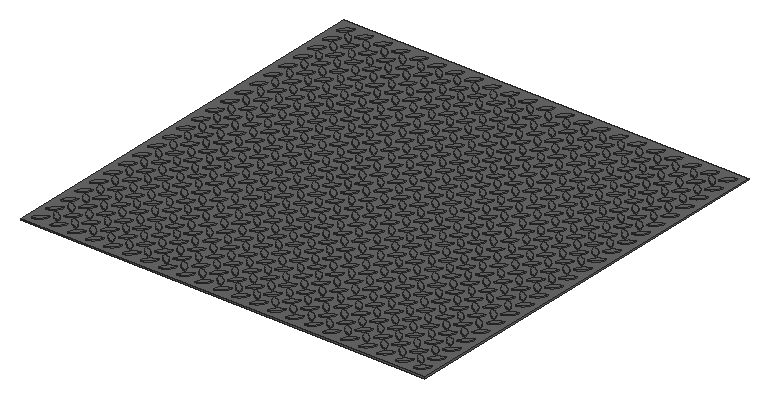
Revit family "141012021113804", category Modelos genéricos, Revit 2018 (continued)
Forms (mm)
  Blend 305, solid, material "Goma negro" <- "Material", detail levels fine
    top sketch origin (1728.494, 208.945, 0) x (-0.707107, -0.707107, 0) y (0.707107, -0.707107, 0)
      loop
        arc (792.83, -324.327) -> (793.684, -324.773) -> (794.539, -324.327) r 1.041
        arc (794.539, -324.327) -> (799.889, -307.273) -> (794.539, -290.22) r 29.852
        arc (794.539, -290.22) -> (793.684, -289.773) -> (792.83, -290.22) r 1.041
    from 0 to 1
  Blend 306, solid, material "Goma negro" <- "Material", detail levels fine
    base sketch origin (538.555, 620.994, 0) x (0.707107, -0.707107, 0) y (0.707107, 0.707107, 0)
      loop
        arc (792.83, -290.22) -> (787.479, -307.273) -> (792.83, -324.327) r 29.852
        arc (792.83, -324.327) -> (793.684, -324.773) -> (794.539, -324.327) r 1.041
        arc (794.539, -324.327) -> (799.889, -307.273) -> (794.539, -290.22) r 29.852
        arc (794.539, -290.22) -> (793.684, -289.773) -> (792.83, -290.22) r 1.041
    top sketch origin (538.555, 620.994, 0) x (0.707107, -0.707107, 0) y (0.707107, 0.707107, 0)
      loop
        arc (792.83, -290.22) -> (787.479, -307.273) -> (792.83, -324.327) r 29.852
        arc (792.83, -324.327) -> (793.684, -324.773) -> (794.539, -324.327) r 1.041
        arc (794.539, -324.327) -> (799.889, -307.273) -> (794.539, -290.22) r 29.852
        arc (794.539, -290.22) -> (793.684, -289.773) -> (792.83, -290.22) r 1.041
    from 0 to 1
  Blend 307, solid, material "Goma negro" <- "Material", detail levels fine
    base sketch origin (1683.494, 208.945, 0) x (-0.707107, -0.707107, 0) y (0.707107, -0.707107, 0)
      loop
        arc (792.83, -290.22) -> (787.479, -307.273) -> (792.83, -324.327) r 29.852
        arc (792.83, -324.327) -> (793.684, -324.773) -> (794.539, -324.327) r 1.041
        arc (794.539, -324.327) -> (799.889, -307.273) -> (794.539, -290.22) r 29.852
        arc (794.539, -290.22) -> (793.684, -289.773) -> (792.83, -290.22) r 1.041
    top sketch origin (1683.494, 208.945, 0) x (-0.707107, -0.707107, 0) y (0.707107, -0.707107, 0)
      loop
        arc (792.83, -290.22) -> (787.479, -307.273) -> (792.83, -324.327) r 29.852
        arc (792.83, -324.327) -> (793.684, -324.773) -> (794.539, -324.327) r 1.041
        arc (794.539, -324.327) -> (799.889, -307.273) -> (794.539, -290.22) r 29.852
        arc (794.539, -290.22) -> (793.684, -289.773) -> (792.83, -290.22) r 1.041
    from 0 to 1
  Blend 308, solid, material "Goma negro" <- "Material", detail levels fine
    base sketch origin (493.555, 620.994, 0) x (0.707107, -0.707107, 0) y (0.707107, 0.707107, 0)
      loop
        arc (792.83, -290.22) -> (787.479, -307.273) -> (792.83, -324.327) r 29.852
        arc (792.83, -324.327) -> (793.684, -324.773) -> (794.539, -324.327) r 1.041
        arc (794.539, -324.327) -> (799.889, -307.273) -> (794.539, -290.22) r 29.852
        arc (794.539, -290.22) -> (793.684, -289.773) -> (792.83, -290.22) r 1.041
    top sketch origin (493.555, 620.994, 0) x (0.707107, -0.707107, 0) y (0.707107, 0.707107, 0)
      loop
        arc (792.83, -290.22) -> (787.479, -307.273) -> (792.83, -324.327) r 29.852
        arc (792.83, -324.327) -> (793.684, -324.773) -> (794.539, -324.327) r 1.041
        arc (794.539, -324.327) -> (799.889, -307.273) -> (794.539, -290.22) r 29.852
        arc (794.539, -290.22) -> (793.684, -289.773) -> (792.83, -290.22) r 1.041
    from 0 to 1
  Blend 309, solid, material "Goma negro" <- "Material", detail levels fine
    base sketch origin (1638.494, 208.945, 0) x (-0.707107, -0.707107, 0) y (0.707107, -0.707107, 0)
      loop
        arc (792.83, -290.22) -> (787.479, -307.273) -> (792.83, -324.327) r 29.852
        arc (792.83, -324.327) -> (793.684, -324.773) -> (794.539, -324.327) r 1.041
        arc (794.539, -324.327) -> (799.889, -307.273) -> (794.539, -290.22) r 29.852
        arc (794.539, -290.22) -> (793.684, -289.773) -> (792.83, -290.22) r 1.041
    top sketch origin (1638.494, 208.945, 0) x (-0.707107, -0.707107, 0) y (0.707107, -0.707107, 0)
      loop
        arc (792.83, -290.22) -> (787.479, -307.273) -> (792.83, -324.327) r 29.852
        arc (792.83, -324.327) -> (793.684, -324.773) -> (794.539, -324.327) r 1.041
        arc (794.539, -324.327) -> (799.889, -307.273) -> (794.539, -290.22) r 29.852
        arc (794.539, -290.22) -> (793.684, -289.773) -> (792.83, -290.22) r 1.041
    from 0 to 1
  Blend 310, solid, material "Goma negro" <- "Material", detail levels fine
    base sketch origin (448.555, 620.994, 0) x (0.707107, -0.707107, 0) y (0.707107, 0.707107, 0)
      loop
        arc (792.83, -290.22) -> (787.479, -307.273) -> (792.83, -324.327) r 29.852
        arc (792.83, -324.327) -> (793.684, -324.773) -> (794.539, -324.327) r 1.041
        arc (794.539, -324.327) -> (799.889, -307.273) -> (794.539, -290.22) r 29.852
        arc (794.539, -290.22) -> (793.684, -289.773) -> (792.83, -290.22) r 1.041
    top sketch origin (448.555, 620.994, 0) x (0.707107, -0.707107, 0) y (0.707107, 0.707107, 0)
      loop
        arc (792.83, -290.22) -> (787.479, -307.273) -> (792.83, -324.327) r 29.852
        arc (792.83, -324.327) -> (793.684, -324.773) -> (794.539, -324.327) r 1.041
        arc (794.539, -324.327) -> (799.889, -307.273) -> (794.539, -290.22) r 29.852
        arc (794.539, -290.22) -> (793.684, -289.773) -> (792.83, -290.22) r 1.041
    from 0 to 1
  Blend 311, solid, material "Goma negro" <- "Material", detail levels fine
    base sketch origin (1593.494, 208.945, 0) x (-0.707107, -0.707107, 0) y (0.707107, -0.707107, 0)
      loop
        arc (792.83, -290.22) -> (787.479, -307.273) -> (792.83, -324.327) r 29.852
        arc (792.83, -324.327) -> (793.684, -324.773) -> (794.539, -324.327) r 1.041
        arc (794.539, -324.327) -> (799.889, -307.273) -> (794.539, -290.22) r 29.852
        arc (794.539, -290.22) -> (793.684, -289.773) -> (792.83, -290.22) r 1.041
    top sketch origin (1593.494, 208.945, 0) x (-0.707107, -0.707107, 0) y (0.707107, -0.707107, 0)
      loop
        arc (792.83, -290.22) -> (787.479, -307.273) -> (792.83, -324.327) r 29.852
        arc (792.83, -324.327) -> (793.684, -324.773) -> (794.539, -324.327) r 1.041
        arc (794.539, -324.327) -> (799.889, -307.273) -> (794.539, -290.22) r 29.852
        arc (794.539, -290.22) -> (793.684, -289.773) -> (792.83, -290.22) r 1.041
    from 0 to 1
  Blend 312, solid, material "Goma negro" <- "Material", detail levels fine
    base sketch origin (403.555, 620.994, 0) x (0.707107, -0.707107, 0) y (0.707107, 0.707107, 0)
      loop
        arc (792.83, -290.22) -> (787.479, -307.273) -> (792.83, -324.327) r 29.852
        arc (792.83, -324.327) -> (793.684, -324.773) -> (794.539, -324.327) r 1.041
        arc (794.539, -324.327) -> (799.889, -307.273) -> (794.539, -290.22) r 29.852
        arc (794.539, -290.22) -> (793.684, -289.773) -> (792.83, -290.22) r 1.041
    top sketch origin (403.555, 620.994, 0) x (0.707107, -0.707107, 0) y (0.707107, 0.707107, 0)
      loop
        arc (792.83, -290.22) -> (787.479, -307.273) -> (792.83, -324.327) r 29.852
        arc (792.83, -324.327) -> (793.684, -324.773) -> (794.539, -324.327) r 1.041
        arc (794.539, -324.327) -> (799.889, -307.273) -> (794.539, -290.22) r 29.852
        arc (794.539, -290.22) -> (793.684, -289.773) -> (792.83, -290.22) r 1.041
    from 0 to 1
  Blend 313, solid, material "Goma negro" <- "Material", detail levels fine
    base sketch origin (1548.494, 208.945, 0) x (-0.707107, -0.707107, 0) y (0.707107, -0.707107, 0)
      loop
        arc (792.83, -290.22) -> (787.479, -307.273) -> (792.83, -324.327) r 29.852
        arc (792.83, -324.327) -> (793.684, -324.773) -> (794.539, -324.327) r 1.041
        arc (794.539, -324.327) -> (799.889, -307.273) -> (794.539, -290.22) r 29.852
        arc (794.539, -290.22) -> (793.684, -289.773) -> (792.83, -290.22) r 1.041
    top sketch origin (1548.494, 208.945, 0) x (-0.707107, -0.707107, 0) y (0.707107, -0.707107, 0)
      loop
        arc (792.83, -290.22) -> (787.479, -307.273) -> (792.83, -324.327) r 29.852
        arc (792.83, -324.327) -> (793.684, -324.773) -> (794.539, -324.327) r 1.041
        arc (794.539, -324.327) -> (799.889, -307.273) -> (794.539, -290.22) r 29.852
        arc (794.539, -290.22) -> (793.684, -289.773) -> (792.83, -290.22) r 1.041
    from 0 to 1
  Blend 314, solid, material "Goma negro" <- "Material", detail levels fine
    base sketch origin (358.555, 620.994, 0) x (0.707107, -0.707107, 0) y (0.707107, 0.707107, 0)
      loop
        arc (792.83, -290.22) -> (787.479, -307.273) -> (792.83, -324.327) r 29.852
        arc (792.83, -324.327) -> (793.684, -324.773) -> (794.539, -324.327) r 1.041
        arc (794.539, -324.327) -> (799.889, -307.273) -> (794.539, -290.22) r 29.852
        arc (794.539, -290.22) -> (793.684, -289.773) -> (792.83, -290.22) r 1.041
    top sketch origin (358.555, 620.994, 0) x (0.707107, -0.707107, 0) y (0.707107, 0.707107, 0)
      loop
        arc (792.83, -290.22) -> (787.479, -307.273) -> (792.83, -324.327) r 29.852
        arc (792.83, -324.327) -> (793.684, -324.773) -> (794.539, -324.327) r 1.041
        arc (794.539, -324.327) -> (799.889, -307.273) -> (794.539, -290.22) r 29.852
        arc (794.539, -290.22) -> (793.684, -289.773) -> (792.83, -290.22) r 1.041
    from 0 to 1
  Blend 315, solid, material "Goma negro" <- "Material", detail levels fine
    base sketch origin (1503.494, 208.945, 0) x (-0.707107, -0.707107, 0) y (0.707107, -0.707107, 0)
      loop
        arc (792.83, -290.22) -> (787.479, -307.273) -> (792.83, -324.327) r 29.852
        arc (792.83, -324.327) -> (793.684, -324.773) -> (794.539, -324.327) r 1.041
        arc (794.539, -324.327) -> (799.889, -307.273) -> (794.539, -290.22) r 29.852
        arc (794.539, -290.22) -> (793.684, -289.773) -> (792.83, -290.22) r 1.041
    top sketch origin (1503.494, 208.945, 0) x (-0.707107, -0.707107, 0) y (0.707107, -0.707107, 0)
      loop
        arc (792.83, -290.22) -> (787.479, -307.273) -> (792.83, -324.327) r 29.852
        arc (792.83, -324.327) -> (793.684, -324.773) -> (794.539, -324.327) r 1.041
        arc (794.539, -324.327) -> (799.889, -307.273) -> (794.539, -290.22) r 29.852
        arc (794.539, -290.22) -> (793.684, -289.773) -> (792.83, -290.22) r 1.041
    from 0 to 1
  Blend 316, solid, material "Goma negro" <- "Material", detail levels fine
    base sketch origin (313.555, 620.994, 0) x (0.707107, -0.707107, 0) y (0.707107, 0.707107, 0)
      loop
        arc (792.83, -290.22) -> (787.479, -307.273) -> (792.83, -324.327) r 29.852
        arc (792.83, -324.327) -> (793.684, -324.773) -> (794.539, -324.327) r 1.041
        arc (794.539, -324.327) -> (799.889, -307.273) -> (794.539, -290.22) r 29.852
        arc (794.539, -290.22) -> (793.684, -289.773) -> (792.83, -290.22) r 1.041
    top sketch origin (313.555, 620.994, 0) x (0.707107, -0.707107, 0) y (0.707107, 0.707107, 0)
      loop
        arc (792.83, -290.22) -> (787.479, -307.273) -> (792.83, -324.327) r 29.852
        arc (792.83, -324.327) -> (793.684, -324.773) -> (794.539, -324.327) r 1.041
        arc (794.539, -324.327) -> (799.889, -307.273) -> (794.539, -290.22) r 29.852
        arc (794.539, -290.22) -> (793.684, -289.773) -> (792.83, -290.22) r 1.041
    from 0 to 1
  Blend 317, solid, material "Goma negro" <- "Material", detail levels fine
    base sketch origin (1458.494, 208.945, 0) x (-0.707107, -0.707107, 0) y (0.707107, -0.707107, 0)
      loop
        arc (792.83, -290.22) -> (787.479, -307.273) -> (792.83, -324.327) r 29.852
        arc (792.83, -324.327) -> (793.684, -324.773) -> (794.539, -324.327) r 1.041
        arc (794.539, -324.327) -> (799.889, -307.273) -> (794.539, -290.22) r 29.852
        arc (794.539, -290.22) -> (793.684, -289.773) -> (792.83, -290.22) r 1.041
    top sketch origin (1458.494, 208.945, 0) x (-0.707107, -0.707107, 0) y (0.707107, -0.707107, 0)
      loop
        arc (792.83, -290.22) -> (787.479, -307.273) -> (792.83, -324.327) r 29.852
        arc (792.83, -324.327) -> (793.684, -324.773) -> (794.539, -324.327) r 1.041
        arc (794.539, -324.327) -> (799.889, -307.273) -> (794.539, -290.22) r 29.852
        arc (794.539, -290.22) -> (793.684, -289.773) -> (792.83, -290.22) r 1.041
    from 0 to 1
  Blend 318, solid, material "Goma negro" <- "Material", detail levels fine
    base sketch origin (268.555, 620.994, 0) x (0.707107, -0.707107, 0) y (0.707107, 0.707107, 0)
      loop
        arc (792.83, -290.22) -> (787.479, -307.273) -> (792.83, -324.327) r 29.852
        arc (792.83, -324.327) -> (793.684, -324.773) -> (794.539, -324.327) r 1.041
        arc (794.539, -324.327) -> (799.889, -307.273) -> (794.539, -290.22) r 29.852
        arc (794.539, -290.22) -> (793.684, -289.773) -> (792.83, -290.22) r 1.041
    top sketch origin (268.555, 620.994, 0) x (0.707107, -0.707107, 0) y (0.707107, 0.707107, 0)
      loop
        arc (792.83, -290.22) -> (787.479, -307.273) -> (792.83, -324.327) r 29.852
        arc (792.83, -324.327) -> (793.684, -324.773) -> (794.539, -324.327) r 1.041
        arc (794.539, -324.327) -> (799.889, -307.273) -> (794.539, -290.22) r 29.852
        arc (794.539, -290.22) -> (793.684, -289.773) -> (792.83, -290.22) r 1.041
    from 0 to 1
  Blend 319, solid, material "Goma negro" <- "Material", detail levels fine
    base sketch origin (1413.494, 208.945, 0) x (-0.707107, -0.707107, 0) y (0.707107, -0.707107, 0)
      loop
        arc (792.83, -290.22) -> (787.479, -307.273) -> (792.83, -324.327) r 29.852
        arc (792.83, -324.327) -> (793.684, -324.773) -> (794.539, -324.327) r 1.041
        arc (794.539, -324.327) -> (799.889, -307.273) -> (794.539, -290.22) r 29.852
        arc (794.539, -290.22) -> (793.684, -289.773) -> (792.83, -290.22) r 1.041
    top sketch origin (1413.494, 208.945, 0) x (-0.707107, -0.707107, 0) y (0.707107, -0.707107, 0)
      loop
        arc (792.83, -290.22) -> (787.479, -307.273) -> (792.83, -324.327) r 29.852
        arc (792.83, -324.327) -> (793.684, -324.773) -> (794.539, -324.327) r 1.041
        arc (794.539, -324.327) -> (799.889, -307.273) -> (794.539, -290.22) r 29.852
        arc (794.539, -290.22) -> (793.684, -289.773) -> (792.83, -290.22) r 1.041
    from 0 to 1
  Blend 320, solid, material "Goma negro" <- "Material", detail levels fine
    base sketch origin (223.555, 620.994, 0) x (0.707107, -0.707107, 0) y (0.707107, 0.707107, 0)
      loop
        arc (792.83, -290.22) -> (787.479, -307.273) -> (792.83, -324.327) r 29.852
        arc (792.83, -324.327) -> (793.684, -324.773) -> (794.539, -324.327) r 1.041
        arc (794.539, -324.327) -> (799.889, -307.273) -> (794.539, -290.22) r 29.852
        arc (794.539, -290.22) -> (793.684, -289.773) -> (792.83, -290.22) r 1.041
    top sketch origin (223.555, 620.994, 0) x (0.707107, -0.707107, 0) y (0.707107, 0.707107, 0)
      loop
        arc (792.83, -290.22) -> (787.479, -307.273) -> (792.83, -324.327) r 29.852
        arc (792.83, -324.327) -> (793.684, -324.773) -> (794.539, -324.327) r 1.041
        arc (794.539, -324.327) -> (799.889, -307.273) -> (794.539, -290.22) r 29.852
        arc (794.539, -290.22) -> (793.684, -289.773) -> (792.83, -290.22) r 1.041
    from 0 to 1
  Blend 321, solid, material "Goma negro" <- "Material", detail levels fine
    base sketch origin (1368.494, 208.945, 0) x (-0.707107, -0.707107, 0) y (0.707107, -0.707107, 0)
      loop
        arc (792.83, -290.22) -> (787.479, -307.273) -> (792.83, -324.327) r 29.852
        arc (792.83, -324.327) -> (793.684, -324.773) -> (794.539, -324.327) r 1.041
        arc (794.539, -324.327) -> (799.889, -307.273) -> (794.539, -290.22) r 29.852
        arc (794.539, -290.22) -> (793.684, -289.773) -> (792.83, -290.22) r 1.041
    top sketch origin (1368.494, 208.945, 0) x (-0.707107, -0.707107, 0) y (0.707107, -0.707107, 0)
      loop
        arc (792.83, -290.22) -> (787.479, -307.273) -> (792.83, -324.327) r 29.852
        arc (792.83, -324.327) -> (793.684, -324.773) -> (794.539, -324.327) r 1.041
        arc (794.539, -324.327) -> (799.889, -307.273) -> (794.539, -290.22) r 29.852
        arc (794.539, -290.22) -> (793.684, -289.773) -> (792.83, -290.22) r 1.041
    from 0 to 1
  Blend 322, solid, material "Goma negro" <- "Material", detail levels fine
    base sketch origin (178.555, 620.994, 0) x (0.707107, -0.707107, 0) y (0.707107, 0.707107, 0)
      loop
        arc (792.83, -290.22) -> (787.479, -307.273) -> (792.83, -324.327) r 29.852
        arc (792.83, -324.327) -> (793.684, -324.773) -> (794.539, -324.327) r 1.041
        arc (794.539, -324.327) -> (799.889, -307.273) -> (794.539, -290.22) r 29.852
        arc (794.539, -290.22) -> (793.684, -289.773) -> (792.83, -290.22) r 1.041
    top sketch origin (178.555, 620.994, 0) x (0.707107, -0.707107, 0) y (0.707107, 0.707107, 0)
      loop
        arc (792.83, -290.22) -> (787.479, -307.273) -> (792.83, -324.327) r 29.852
        arc (792.83, -324.327) -> (793.684, -324.773) -> (794.539, -324.327) r 1.041
        arc (794.539, -324.327) -> (799.889, -307.273) -> (794.539, -290.22) r 29.852
        arc (794.539, -290.22) -> (793.684, -289.773) -> (792.83, -290.22) r 1.041
    from 0 to 1
  Blend 323, solid, material "Goma negro" <- "Material", detail levels fine
    base sketch origin (1323.494, 208.945, 0) x (-0.707107, -0.707107, 0) y (0.707107, -0.707107, 0)
      loop
        arc (792.83, -290.22) -> (787.479, -307.273) -> (792.83, -324.327) r 29.852
        arc (792.83, -324.327) -> (793.684, -324.773) -> (794.539, -324.327) r 1.041
        arc (794.539, -324.327) -> (799.889, -307.273) -> (794.539, -290.22) r 29.852
        arc (794.539, -290.22) -> (793.684, -289.773) -> (792.83, -290.22) r 1.041
    top sketch origin (1323.494, 208.945, 0) x (-0.707107, -0.707107, 0) y (0.707107, -0.707107, 0)
      loop
        arc (792.83, -290.22) -> (787.479, -307.273) -> (792.83, -324.327) r 29.852
        arc (792.83, -324.327) -> (793.684, -324.773) -> (794.539, -324.327) r 1.041
        arc (794.539, -324.327) -> (799.889, -307.273) -> (794.539, -290.22) r 29.852
        arc (794.539, -290.22) -> (793.684, -289.773) -> (792.83, -290.22) r 1.041
    from 0 to 1
  Blend 324, solid, material "Goma negro" <- "Material", detail levels fine
    base sketch origin (133.555, 620.994, 0) x (0.707107, -0.707107, 0) y (0.707107, 0.707107, 0)
      loop
        arc (792.83, -290.22) -> (787.479, -307.273) -> (792.83, -324.327) r 29.852
        arc (792.83, -324.327) -> (793.684, -324.773) -> (794.539, -324.327) r 1.041
        arc (794.539, -324.327) -> (799.889, -307.273) -> (794.539, -290.22) r 29.852
        arc (794.539, -290.22) -> (793.684, -289.773) -> (792.83, -290.22) r 1.041
    top sketch origin (133.555, 620.994, 0) x (0.707107, -0.707107, 0) y (0.707107, 0.707107, 0)
      loop
        arc (792.83, -290.22) -> (787.479, -307.273) -> (792.83, -324.327) r 29.852
        arc (792.83, -324.327) -> (793.684, -324.773) -> (794.539, -324.327) r 1.041
        arc (794.539, -324.327) -> (799.889, -307.273) -> (794.539, -290.22) r 29.852
        arc (794.539, -290.22) -> (793.684, -289.773) -> (792.83, -290.22) r 1.041
    from 0 to 1
  Blend 325, solid, material "Goma negro" <- "Material", detail levels fine
    base sketch origin (1278.494, 208.945, 0) x (-0.707107, -0.707107, 0) y (0.707107, -0.707107, 0)
      loop
        arc (792.83, -290.22) -> (787.479, -307.273) -> (792.83, -324.327) r 29.852
        arc (792.83, -324.327) -> (793.684, -324.773) -> (794.539, -324.327) r 1.041
        arc (794.539, -324.327) -> (799.889, -307.273) -> (794.539, -290.22) r 29.852
        arc (794.539, -290.22) -> (793.684, -289.773) -> (792.83, -290.22) r 1.041
    top sketch origin (1278.494, 208.945, 0) x (-0.707107, -0.707107, 0) y (0.707107, -0.707107, 0)
      loop
        arc (792.83, -290.22) -> (787.479, -307.273) -> (792.83, -324.327) r 29.852
        arc (792.83, -324.327) -> (793.684, -324.773) -> (794.539, -324.327) r 1.041
        arc (794.539, -324.327) -> (799.889, -307.273) -> (794.539, -290.22) r 29.852
        arc (794.539, -290.22) -> (793.684, -289.773) -> (792.83, -290.22) r 1.041
    from 0 to 1
  Blend 326, solid, material "Goma negro" <- "Material", detail levels fine
    base sketch origin (88.555, 620.994, 0) x (0.707107, -0.707107, 0) y (0.707107, 0.707107, 0)
      loop
        arc (792.83, -290.22) -> (787.479, -307.273) -> (792.83, -324.327) r 29.852
        arc (792.83, -324.327) -> (793.684, -324.773) -> (794.539, -324.327) r 1.041
        arc (794.539, -324.327) -> (799.889, -307.273) -> (794.539, -290.22) r 29.852
        arc (794.539, -290.22) -> (793.684, -289.773) -> (792.83, -290.22) r 1.041
    top sketch origin (88.555, 620.994, 0) x (0.707107, -0.707107, 0) y (0.707107, 0.707107, 0)
      loop
        arc (792.83, -290.22) -> (787.479, -307.273) -> (792.83, -324.327) r 29.852
        arc (792.83, -324.327) -> (793.684, -324.773) -> (794.539, -324.327) r 1.041
        arc (794.539, -324.327) -> (799.889, -307.273) -> (794.539, -290.22) r 29.852
        arc (794.539, -290.22) -> (793.684, -289.773) -> (792.83, -290.22) r 1.041
    from 0 to 1
  Blend 327, solid, material "Goma negro" <- "Material", detail levels fine
    base sketch origin (1233.494, 208.945, 0) x (-0.707107, -0.707107, 0) y (0.707107, -0.707107, 0)
      loop
        arc (792.83, -290.22) -> (787.479, -307.273) -> (792.83, -324.327) r 29.852
        arc (792.83, -324.327) -> (793.684, -324.773) -> (794.539, -324.327) r 1.041
        arc (794.539, -324.327) -> (799.889, -307.273) -> (794.539, -290.22) r 29.852
        arc (794.539, -290.22) -> (793.684, -289.773) -> (792.83, -290.22) r 1.041
    top sketch origin (1233.494, 208.945, 0) x (-0.707107, -0.707107, 0) y (0.707107, -0.707107, 0)
      loop
        arc (792.83, -290.22) -> (787.479, -307.273) -> (792.83, -324.327) r 29.852
        arc (792.83, -324.327) -> (793.684, -324.773) -> (794.539, -324.327) r 1.041
        arc (794.539, -324.327) -> (799.889, -307.273) -> (794.539, -290.22) r 29.852
        arc (794.539, -290.22) -> (793.684, -289.773) -> (792.83, -290.22) r 1.041
    from 0 to 1
  Blend 328, solid, material "Goma negro" <- "Material", detail levels fine
    base sketch origin (43.555, 620.994, 0) x (0.707107, -0.707107, 0) y (0.707107, 0.707107, 0)
      loop
        arc (792.83, -290.22) -> (787.479, -307.273) -> (792.83, -324.327) r 29.852
        arc (792.83, -324.327) -> (793.684, -324.773) -> (794.539, -324.327) r 1.041
        arc (794.539, -324.327) -> (799.889, -307.273) -> (794.539, -290.22) r 29.852
        arc (794.539, -290.22) -> (793.684, -289.773) -> (792.83, -290.22) r 1.041
    top sketch origin (43.555, 620.994, 0) x (0.707107, -0.707107, 0) y (0.707107, 0.707107, 0)
      loop
        arc (792.83, -290.22) -> (787.479, -307.273) -> (792.83, -324.327) r 29.852
        arc (792.83, -324.327) -> (793.684, -324.773) -> (794.539, -324.327) r 1.041
        arc (794.539, -324.327) -> (799.889, -307.273) -> (794.539, -290.22) r 29.852
        arc (794.539, -290.22) -> (793.684, -289.773) -> (792.83, -290.22) r 1.041
    from 0 to 1
  Blend 329, solid, material "Goma negro" <- "Material", detail levels fine
    base sketch origin (1188.494, 208.945, 0) x (-0.707107, -0.707107, 0) y (0.707107, -0.707107, 0)
      loop
        arc (792.83, -290.22) -> (787.479, -307.273) -> (792.83, -324.327) r 29.852
        arc (792.83, -324.327) -> (793.684, -324.773) -> (794.539, -324.327) r 1.041
        arc (794.539, -324.327) -> (799.889, -307.273) -> (794.539, -290.22) r 29.852
        arc (794.539, -290.22) -> (793.684, -289.773) -> (792.83, -290.22) r 1.041
    top sketch origin (1188.494, 208.945, 0) x (-0.707107, -0.707107, 0) y (0.707107, -0.707107, 0)
      loop
        arc (792.83, -290.22) -> (787.479, -307.273) -> (792.83, -324.327) r 29.852
        arc (792.83, -324.327) -> (793.684, -324.773) -> (794.539, -324.327) r 1.041
        arc (794.539, -324.327) -> (799.889, -307.273) -> (794.539, -290.22) r 29.852
        arc (794.539, -290.22) -> (793.684, -289.773) -> (792.83, -290.22) r 1.041
    from 0 to 1
  Blend 330, solid, material "Goma negro" <- "Material", detail levels fine
    base sketch origin (-1.445, 620.994, 0) x (0.707107, -0.707107, 0) y (0.707107, 0.707107, 0)
      loop
        arc (792.83, -290.22) -> (787.479, -307.273) -> (792.83, -324.327) r 29.852
        arc (792.83, -324.327) -> (793.684, -324.773) -> (794.539, -324.327) r 1.041
        arc (794.539, -324.327) -> (799.889, -307.273) -> (794.539, -290.22) r 29.852
        arc (794.539, -290.22) -> (793.684, -289.773) -> (792.83, -290.22) r 1.041
    top sketch origin (-1.445, 620.994, 0) x (0.707107, -0.707107, 0) y (0.707107, 0.707107, 0)
      loop
        arc (792.83, -290.22) -> (787.479, -307.273) -> (792.83, -324.327) r 29.852
        arc (792.83, -324.327) -> (793.684, -324.773) -> (794.539, -324.327) r 1.041
        arc (794.539, -324.327) -> (799.889, -307.273) -> (794.539, -290.22) r 29.852
        arc (794.539, -290.22) -> (793.684, -289.773) -> (792.83, -290.22) r 1.041
    from 0 to 1
  Blend 331, solid, material "Goma negro" <- "Material", detail levels fine
    base sketch origin (1143.494, 208.945, 0) x (-0.707107, -0.707107, 0) y (0.707107, -0.707107, 0)
      loop
        arc (792.83, -290.22) -> (787.479, -307.273) -> (792.83, -324.327) r 29.852
        arc (792.83, -324.327) -> (793.684, -324.773) -> (794.539, -324.327) r 1.041
        arc (794.539, -324.327) -> (799.889, -307.273) -> (794.539, -290.22) r 29.852
        arc (794.539, -290.22) -> (793.684, -289.773) -> (792.83, -290.22) r 1.041
    top sketch origin (1143.494, 208.945, 0) x (-0.707107, -0.707107, 0) y (0.707107, -0.707107, 0)
      loop
        arc (792.83, -290.22) -> (787.479, -307.273) -> (792.83, -324.327) r 29.852
        arc (792.83, -324.327) -> (793.684, -324.773) -> (794.539, -324.327) r 1.041
        arc (794.539, -324.327) -> (799.889, -307.273) -> (794.539, -290.22) r 29.852
        arc (794.539, -290.22) -> (793.684, -289.773) -> (792.83, -290.22) r 1.041
    from 0 to 1
  Blend 332, solid, material "Goma negro" <- "Material", detail levels fine
    base sketch origin (-46.445, 620.994, 0) x (0.707107, -0.707107, 0) y (0.707107, 0.707107, 0)
      loop
        arc (792.83, -290.22) -> (787.479, -307.273) -> (792.83, -324.327) r 29.852
        arc (792.83, -324.327) -> (793.684, -324.773) -> (794.539, -324.327) r 1.041
        arc (794.539, -324.327) -> (799.889, -307.273) -> (794.539, -290.22) r 29.852
        arc (794.539, -290.22) -> (793.684, -289.773) -> (792.83, -290.22) r 1.041
    top sketch origin (-46.445, 620.994, 0) x (0.707107, -0.707107, 0) y (0.707107, 0.707107, 0)
      loop
        arc (792.83, -290.22) -> (787.479, -307.273) -> (792.83, -324.327) r 29.852
        arc (792.83, -324.327) -> (793.684, -324.773) -> (794.539, -324.327) r 1.041
        arc (794.539, -324.327) -> (799.889, -307.273) -> (794.539, -290.22) r 29.852
        arc (794.539, -290.22) -> (793.684, -289.773) -> (792.83, -290.22) r 1.041
    from 0 to 1
  Blend 333, solid, material "Goma negro" <- "Material", detail levels fine
    base sketch origin (1098.494, 208.945, 0) x (-0.707107, -0.707107, 0) y (0.707107, -0.707107, 0)
      loop
        arc (792.83, -290.22) -> (787.479, -307.273) -> (792.83, -324.327) r 29.852
        arc (792.83, -324.327) -> (793.684, -324.773) -> (794.539, -324.327) r 1.041
        arc (794.539, -324.327) -> (799.889, -307.273) -> (794.539, -290.22) r 29.852
        arc (794.539, -290.22) -> (793.684, -289.773) -> (792.83, -290.22) r 1.041
    top sketch origin (1098.494, 208.945, 0) x (-0.707107, -0.707107, 0) y (0.707107, -0.707107, 0)
      loop
        arc (792.83, -290.22) -> (787.479, -307.273) -> (792.83, -324.327) r 29.852
        arc (792.83, -324.327) -> (793.684, -324.773) -> (794.539, -324.327) r 1.041
        arc (794.539, -324.327) -> (799.889, -307.273) -> (794.539, -290.22) r 29.852
        arc (794.539, -290.22) -> (793.684, -289.773) -> (792.83, -290.22) r 1.041
    from 0 to 1
  Blend 334, solid, material "Goma negro" <- "Material", detail levels fine
    base sketch origin (-91.445, 620.994, 0) x (0.707107, -0.707107, 0) y (0.707107, 0.707107, 0)
      loop
        arc (792.83, -290.22) -> (787.479, -307.273) -> (792.83, -324.327) r 29.852
        arc (792.83, -324.327) -> (793.684, -324.773) -> (794.539, -324.327) r 1.041
        arc (794.539, -324.327) -> (799.889, -307.273) -> (794.539, -290.22) r 29.852
        arc (794.539, -290.22) -> (793.684, -289.773) -> (792.83, -290.22) r 1.041
    top sketch origin (-91.445, 620.994, 0) x (0.707107, -0.707107, 0) y (0.707107, 0.707107, 0)
      loop
        arc (792.83, -290.22) -> (787.479, -307.273) -> (792.83, -324.327) r 29.852
        arc (792.83, -324.327) -> (793.684, -324.773) -> (794.539, -324.327) r 1.041
        arc (794.539, -324.327) -> (799.889, -307.273) -> (794.539, -290.22) r 29.852
        arc (794.539, -290.22) -> (793.684, -289.773) -> (792.83, -290.22) r 1.041
    from 0 to 1
  Blend 335, solid, material "Goma negro" <- "Material", detail levels fine
    base sketch origin (1053.494, 208.945, 0) x (-0.707107, -0.707107, 0) y (0.707107, -0.707107, 0)
      loop
        arc (792.83, -290.22) -> (787.479, -307.273) -> (792.83, -324.327) r 29.852
        arc (792.83, -324.327) -> (793.684, -324.773) -> (794.539, -324.327) r 1.041
        arc (794.539, -324.327) -> (799.889, -307.273) -> (794.539, -290.22) r 29.852
        arc (794.539, -290.22) -> (793.684, -289.773) -> (792.83, -290.22) r 1.041
    top sketch origin (1053.494, 208.945, 0) x (-0.707107, -0.707107, 0) y (0.707107, -0.707107, 0)
      loop
        arc (792.83, -290.22) -> (787.479, -307.273) -> (792.83, -324.327) r 29.852
        arc (792.83, -324.327) -> (793.684, -324.773) -> (794.539, -324.327) r 1.041
        arc (794.539, -324.327) -> (799.889, -307.273) -> (794.539, -290.22) r 29.852
        arc (794.539, -290.22) -> (793.684, -289.773) -> (792.83, -290.22) r 1.041
    from 0 to 1
  Blend 336, solid, material "Goma negro" <- "Material", detail levels fine
    base sketch origin (-136.445, 620.994, 0) x (0.707107, -0.707107, 0) y (0.707107, 0.707107, 0)
      loop
        arc (792.83, -290.22) -> (787.479, -307.273) -> (792.83, -324.327) r 29.852
        arc (792.83, -324.327) -> (793.684, -324.773) -> (794.539, -324.327) r 1.041
        arc (794.539, -324.327) -> (799.889, -307.273) -> (794.539, -290.22) r 29.852
        arc (794.539, -290.22) -> (793.684, -289.773) -> (792.83, -290.22) r 1.041
    top sketch origin (-136.445, 620.994, 0) x (0.707107, -0.707107, 0) y (0.707107, 0.707107, 0)
      loop
        arc (792.83, -290.22) -> (787.479, -307.273) -> (792.83, -324.327) r 29.852
        arc (792.83, -324.327) -> (793.684, -324.773) -> (794.539, -324.327) r 1.041
        arc (794.539, -324.327) -> (799.889, -307.273) -> (794.539, -290.22) r 29.852
        arc (794.539, -290.22) -> (793.684, -289.773) -> (792.83, -290.22) r 1.041
    from 0 to 1
  Blend 337, solid, material "Goma negro" <- "Material", detail levels fine
    base sketch origin (1008.494, 208.945, 0) x (-0.707107, -0.707107, 0) y (0.707107, -0.707107, 0)
      loop
        arc (792.83, -290.22) -> (787.479, -307.273) -> (792.83, -324.327) r 29.852
        arc (792.83, -324.327) -> (793.684, -324.773) -> (794.539, -324.327) r 1.041
        arc (794.539, -324.327) -> (799.889, -307.273) -> (794.539, -290.22) r 29.852
        arc (794.539, -290.22) -> (793.684, -289.773) -> (792.83, -290.22) r 1.041
    top sketch origin (1008.494, 208.945, 0) x (-0.707107, -0.707107, 0) y (0.707107, -0.707107, 0)
      loop
        arc (792.83, -290.22) -> (787.479, -307.273) -> (792.83, -324.327) r 29.852
        arc (792.83, -324.327) -> (793.684, -324.773) -> (794.539, -324.327) r 1.041
        arc (794.539, -324.327) -> (799.889, -307.273) -> (794.539, -290.22) r 29.852
        arc (794.539, -290.22) -> (793.684, -289.773) -> (792.83, -290.22) r 1.041
    from 0 to 1
  Blend 338, solid, material "Goma negro" <- "Material", detail levels fine
    base sketch origin (-181.445, 620.994, 0) x (0.707107, -0.707107, 0) y (0.707107, 0.707107, 0)
      loop
        arc (792.83, -290.22) -> (787.479, -307.273) -> (792.83, -324.327) r 29.852
        arc (792.83, -324.327) -> (793.684, -324.773) -> (794.539, -324.327) r 1.041
        arc (794.539, -324.327) -> (799.889, -307.273) -> (794.539, -290.22) r 29.852
        arc (794.539, -290.22) -> (793.684, -289.773) -> (792.83, -290.22) r 1.041
    top sketch origin (-181.445, 620.994, 0) x (0.707107, -0.707107, 0) y (0.707107, 0.707107, 0)
      loop
        arc (792.83, -290.22) -> (787.479, -307.273) -> (792.83, -324.327) r 29.852
        arc (792.83, -324.327) -> (793.684, -324.773) -> (794.539, -324.327) r 1.041
        arc (794.539, -324.327) -> (799.889, -307.273) -> (794.539, -290.22) r 29.852
        arc (794.539, -290.22) -> (793.684, -289.773) -> (792.83, -290.22) r 1.041
    from 0 to 1
  Blend 339, solid, material "Goma negro" <- "Material", detail levels fine
    base sketch origin (963.494, 208.945, 0) x (-0.707107, -0.707107, 0) y (0.707107, -0.707107, 0)
      loop
        arc (792.83, -290.22) -> (787.479, -307.273) -> (792.83, -324.327) r 29.852
        arc (792.83, -324.327) -> (793.684, -324.773) -> (794.539, -324.327) r 1.041
        arc (794.539, -324.327) -> (799.889, -307.273) -> (794.539, -290.22) r 29.852
        arc (794.539, -290.22) -> (793.684, -289.773) -> (792.83, -290.22) r 1.041
    top sketch origin (963.494, 208.945, 0) x (-0.707107, -0.707107, 0) y (0.707107, -0.707107, 0)
      loop
        arc (792.83, -290.22) -> (787.479, -307.273) -> (792.83, -324.327) r 29.852
        arc (792.83, -324.327) -> (793.684, -324.773) -> (794.539, -324.327) r 1.041
        arc (794.539, -324.327) -> (799.889, -307.273) -> (794.539, -290.22) r 29.852
        arc (794.539, -290.22) -> (793.684, -289.773) -> (792.83, -290.22) r 1.041
    from 0 to 1
  Blend 340, solid, material "Goma negro" <- "Material", detail levels fine
    base sketch origin (-226.445, 620.994, 0) x (0.707107, -0.707107, 0) y (0.707107, 0.707107, 0)
      loop
        arc (792.83, -290.22) -> (787.479, -307.273) -> (792.83, -324.327) r 29.852
        arc (792.83, -324.327) -> (793.684, -324.773) -> (794.539, -324.327) r 1.041
        arc (794.539, -324.327) -> (799.889, -307.273) -> (794.539, -290.22) r 29.852
        arc (794.539, -290.22) -> (793.684, -289.773) -> (792.83, -290.22) r 1.041
    top sketch origin (-226.445, 620.994, 0) x (0.707107, -0.707107, 0) y (0.707107, 0.707107, 0)
      loop
        arc (792.83, -290.22) -> (787.479, -307.273) -> (792.83, -324.327) r 29.852
        arc (792.83, -324.327) -> (793.684, -324.773) -> (794.539, -324.327) r 1.041
        arc (794.539, -324.327) -> (799.889, -307.273) -> (794.539, -290.22) r 29.852
        arc (794.539, -290.22) -> (793.684, -289.773) -> (792.83, -290.22) r 1.041
    from 0 to 1
  Blend 341, solid, material "Goma negro" <- "Material", detail levels fine
    base sketch origin (918.494, 208.945, 0) x (-0.707107, -0.707107, 0) y (0.707107, -0.707107, 0)
      loop
        arc (792.83, -290.22) -> (787.479, -307.273) -> (792.83, -324.327) r 29.852
        arc (792.83, -324.327) -> (793.684, -324.773) -> (794.539, -324.327) r 1.041
        arc (794.539, -324.327) -> (799.889, -307.273) -> (794.539, -290.22) r 29.852
        arc (794.539, -290.22) -> (793.684, -289.773) -> (792.83, -290.22) r 1.041
    top sketch origin (918.494, 208.945, 0) x (-0.707107, -0.707107, 0) y (0.707107, -0.707107, 0)
      loop
        arc (792.83, -290.22) -> (787.479, -307.273) -> (792.83, -324.327) r 29.852
        arc (792.83, -324.327) -> (793.684, -324.773) -> (794.539, -324.327) r 1.041
        arc (794.539, -324.327) -> (799.889, -307.273) -> (794.539, -290.22) r 29.852
        arc (794.539, -290.22) -> (793.684, -289.773) -> (792.83, -290.22) r 1.041
    from 0 to 1
  Blend 342, solid, material "Goma negro" <- "Material", detail levels fine
    base sketch origin (-271.445, 620.994, 0) x (0.707107, -0.707107, 0) y (0.707107, 0.707107, 0)
      loop
        arc (792.83, -290.22) -> (787.479, -307.273) -> (792.83, -324.327) r 29.852
        arc (792.83, -324.327) -> (793.684, -324.773) -> (794.539, -324.327) r 1.041
        arc (794.539, -324.327) -> (799.889, -307.273) -> (794.539, -290.22) r 29.852
        arc (794.539, -290.22) -> (793.684, -289.773) -> (792.83, -290.22) r 1.041
    top sketch origin (-271.445, 620.994, 0) x (0.707107, -0.707107, 0) y (0.707107, 0.707107, 0)
      loop
        arc (792.83, -290.22) -> (787.479, -307.273) -> (792.83, -324.327) r 29.852
        arc (792.83, -324.327) -> (793.684, -324.773) -> (794.539, -324.327) r 1.041
        arc (794.539, -324.327) -> (799.889, -307.273) -> (794.539, -290.22) r 29.852
        arc (794.539, -290.22) -> (793.684, -289.773) -> (792.83, -290.22) r 1.041
    from 0 to 1
  Blend 343, solid, material "Goma negro" <- "Material", detail levels fine
    base sketch origin (873.494, 208.945, 0) x (-0.707107, -0.707107, 0) y (0.707107, -0.707107, 0)
      loop
        arc (792.83, -290.22) -> (787.479, -307.273) -> (792.83, -324.327) r 29.852
        arc (792.83, -324.327) -> (793.684, -324.773) -> (794.539, -324.327) r 1.041
        arc (794.539, -324.327) -> (799.889, -307.273) -> (794.539, -290.22) r 29.852
        arc (794.539, -290.22) -> (793.684, -289.773) -> (792.83, -290.22) r 1.041
    top sketch origin (873.494, 208.945, 0) x (-0.707107, -0.707107, 0) y (0.707107, -0.707107, 0)
      loop
        arc (792.83, -290.22) -> (787.479, -307.273) -> (792.83, -324.327) r 29.852
        arc (792.83, -324.327) -> (793.684, -324.773) -> (794.539, -324.327) r 1.041
        arc (794.539, -324.327) -> (799.889, -307.273) -> (794.539, -290.22) r 29.852
        arc (794.539, -290.22) -> (793.684, -289.773) -> (792.83, -290.22) r 1.041
    from 0 to 1
  Blend 344, solid, material "Goma negro" <- "Material", detail levels fine
    base sketch origin (-316.445, 620.994, 0) x (0.707107, -0.707107, 0) y (0.707107, 0.707107, 0)
      loop
        arc (792.83, -290.22) -> (787.479, -307.273) -> (792.83, -324.327) r 29.852
        arc (792.83, -324.327) -> (793.684, -324.773) -> (794.539, -324.327) r 1.041
        arc (794.539, -324.327) -> (799.889, -307.273) -> (794.539, -290.22) r 29.852
        arc (794.539, -290.22) -> (793.684, -289.773) -> (792.83, -290.22) r 1.041
    top sketch origin (-316.445, 620.994, 0) x (0.707107, -0.707107, 0) y (0.707107, 0.707107, 0)
      loop
        arc (792.83, -290.22) -> (787.479, -307.273) -> (792.83, -324.327) r 29.852
        arc (792.83, -324.327) -> (793.684, -324.773) -> (794.539, -324.327) r 1.041
        arc (794.539, -324.327) -> (799.889, -307.273) -> (794.539, -290.22) r 29.852
        arc (794.539, -290.22) -> (793.684, -289.773) -> (792.83, -290.22) r 1.041
    from 0 to 1
  Blend 345, solid, material "Goma negro" <- "Material", detail levels fine
    base sketch origin (828.494, 208.945, 0) x (-0.707107, -0.707107, 0) y (0.707107, -0.707107, 0)
      loop
        arc (792.83, -290.22) -> (787.479, -307.273) -> (792.83, -324.327) r 29.852
        arc (792.83, -324.327) -> (793.684, -324.773) -> (794.539, -324.327) r 1.041
        arc (794.539, -324.327) -> (799.889, -307.273) -> (794.539, -290.22) r 29.852
        arc (794.539, -290.22) -> (793.684, -289.773) -> (792.83, -290.22) r 1.041
    top sketch origin (828.494, 208.945, 0) x (-0.707107, -0.707107, 0) y (0.707107, -0.707107, 0)
      loop
        arc (792.83, -290.22) -> (787.479, -307.273) -> (792.83, -324.327) r 29.852
        arc (792.83, -324.327) -> (793.684, -324.773) -> (794.539, -324.327) r 1.041
        arc (794.539, -324.327) -> (799.889, -307.273) -> (794.539, -290.22) r 29.852
        arc (794.539, -290.22) -> (793.684, -289.773) -> (792.83, -290.22) r 1.041
    from 0 to 1
  Blend 346, solid, material "Goma negro" <- "Material", detail levels fine
    base sketch origin (628.555, 665.994, 0) x (0.707107, -0.707107, 0) y (0.707107, 0.707107, 0)
      loop
        arc (792.83, -290.22) -> (787.479, -307.273) -> (792.83, -324.327) r 29.852
        arc (792.83, -324.327) -> (793.684, -324.773) -> (794.539, -324.327) r 1.041
        arc (794.539, -324.327) -> (799.889, -307.273) -> (794.539, -290.22) r 29.852
        arc (794.539, -290.22) -> (793.684, -289.773) -> (792.83, -290.22) r 1.041
    top sketch origin (628.555, 665.994, 0) x (0.707107, -0.707107, 0) y (0.707107, 0.707107, 0)
      loop
        arc (792.83, -290.22) -> (787.479, -307.273) -> (792.83, -324.327) r 29.852
        arc (792.83, -324.327) -> (793.684, -324.773) -> (794.539, -324.327) r 1.041
        arc (794.539, -324.327) -> (799.889, -307.273) -> (794.539, -290.22) r 29.852
        arc (794.539, -290.22) -> (793.684, -289.773) -> (792.83, -290.22) r 1.041
    from 0 to 1
  Blend 347, solid, material "Goma negro" <- "Material", detail levels fine
    base sketch origin (583.555, 665.994, 0) x (0.707107, -0.707107, 0) y (0.707107, 0.707107, 0)
      loop
        arc (792.83, -290.22) -> (787.479, -307.273) -> (792.83, -324.327) r 29.852
        arc (792.83, -324.327) -> (793.684, -324.773) -> (794.539, -324.327) r 1.041
        arc (794.539, -324.327) -> (799.889, -307.273) -> (794.539, -290.22) r 29.852
        arc (794.539, -290.22) -> (793.684, -289.773) -> (792.83, -290.22) r 1.041
    top sketch origin (583.555, 665.994, 0) x (0.707107, -0.707107, 0) y (0.707107, 0.707107, 0)
      loop
        arc (792.83, -290.22) -> (787.479, -307.273) -> (792.83, -324.327) r 29.852
        arc (792.83, -324.327) -> (793.684, -324.773) -> (794.539, -324.327) r 1.041
        arc (794.539, -324.327) -> (799.889, -307.273) -> (794.539, -290.22) r 29.852
        arc (794.539, -290.22) -> (793.684, -289.773) -> (792.83, -290.22) r 1.041
    from 0 to 1
  Blend 348, solid, material "Goma negro" <- "Material", detail levels fine
    base sketch origin (1728.494, 253.945, 0) x (-0.707107, -0.707107, 0) y (0.707107, -0.707107, 0)
      loop
        arc (792.83, -290.22) -> (787.479, -307.273) -> (792.83, -324.327) r 29.852
        arc (792.83, -324.327) -> (793.684, -324.773) -> (794.539, -324.327) r 1.041
        arc (794.539, -324.327) -> (799.889, -307.273) -> (794.539, -290.22) r 29.852
        arc (794.539, -290.22) -> (793.684, -289.773) -> (792.83, -290.22) r 1.041
    top sketch origin (1728.494, 253.945, 0) x (-0.707107, -0.707107, 0) y (0.707107, -0.707107, 0)
      loop
        arc (792.83, -290.22) -> (787.479, -307.273) -> (792.83, -324.327) r 29.852
        arc (792.83, -324.327) -> (793.684, -324.773) -> (794.539, -324.327) r 1.041
        arc (794.539, -324.327) -> (799.889, -307.273) -> (794.539, -290.22) r 29.852
        arc (794.539, -290.22) -> (793.684, -289.773) -> (792.83, -290.22) r 1.041
    from 0 to 1
  Blend 349, solid, material "Goma negro" <- "Material", detail levels fine
    base sketch origin (538.555, 665.994, 0) x (0.707107, -0.707107, 0) y (0.707107, 0.707107, 0)
      loop
        arc (792.83, -290.22) -> (787.479, -307.273) -> (792.83, -324.327) r 29.852
        arc (792.83, -324.327) -> (793.684, -324.773) -> (794.539, -324.327) r 1.041
        arc (794.539, -324.327) -> (799.889, -307.273) -> (794.539, -290.22) r 29.852
        arc (794.539, -290.22) -> (793.684, -289.773) -> (792.83, -290.22) r 1.041
    top sketch origin (538.555, 665.994, 0) x (0.707107, -0.707107, 0) y (0.707107, 0.707107, 0)
      loop
        arc (792.83, -290.22) -> (787.479, -307.273) -> (792.83, -324.327) r 29.852
        arc (792.83, -324.327) -> (793.684, -324.773) -> (794.539, -324.327) r 1.041
        arc (794.539, -324.327) -> (799.889, -307.273) -> (794.539, -290.22) r 29.852
        arc (794.539, -290.22) -> (793.684, -289.773) -> (792.83, -290.22) r 1.041
    from 0 to 1
  Blend 350, solid, material "Goma negro" <- "Material", detail levels fine
    base sketch origin (1683.494, 253.945, 0) x (-0.707107, -0.707107, 0) y (0.707107, -0.707107, 0)
      loop
        arc (792.83, -290.22) -> (787.479, -307.273) -> (792.83, -324.327) r 29.852
        arc (792.83, -324.327) -> (793.684, -324.773) -> (794.539, -324.327) r 1.041
        arc (794.539, -324.327) -> (799.889, -307.273) -> (794.539, -290.22) r 29.852
        arc (794.539, -290.22) -> (793.684, -289.773) -> (792.83, -290.22) r 1.041
    top sketch origin (1683.494, 253.945, 0) x (-0.707107, -0.707107, 0) y (0.707107, -0.707107, 0)
      loop
        arc (792.83, -290.22) -> (787.479, -307.273) -> (792.83, -324.327) r 29.852
        arc (792.83, -324.327) -> (793.684, -324.773) -> (794.539, -324.327) r 1.041
        arc (794.539, -324.327) -> (799.889, -307.273) -> (794.539, -290.22) r 29.852
        arc (794.539, -290.22) -> (793.684, -289.773) -> (792.83, -290.22) r 1.041
    from 0 to 1
  Blend 351, solid, material "Goma negro" <- "Material", detail levels fine
    base sketch origin (493.555, 665.994, 0) x (0.707107, -0.707107, 0) y (0.707107, 0.707107, 0)
      loop
        arc (792.83, -290.22) -> (787.479, -307.273) -> (792.83, -324.327) r 29.852
        arc (792.83, -324.327) -> (793.684, -324.773) -> (794.539, -324.327) r 1.041
        arc (794.539, -324.327) -> (799.889, -307.273) -> (794.539, -290.22) r 29.852
        arc (794.539, -290.22) -> (793.684, -289.773) -> (792.83, -290.22) r 1.041
    top sketch origin (493.555, 665.994, 0) x (0.707107, -0.707107, 0) y (0.707107, 0.707107, 0)
      loop
        arc (792.83, -290.22) -> (787.479, -307.273) -> (792.83, -324.327) r 29.852
        arc (792.83, -324.327) -> (793.684, -324.773) -> (794.539, -324.327) r 1.041
        arc (794.539, -324.327) -> (799.889, -307.273) -> (794.539, -290.22) r 29.852
        arc (794.539, -290.22) -> (793.684, -289.773) -> (792.83, -290.22) r 1.041
    from 0 to 1
  Blend 352, solid, material "Goma negro" <- "Material", detail levels fine
    base sketch origin (1638.494, 253.945, 0) x (-0.707107, -0.707107, 0) y (0.707107, -0.707107, 0)
      loop
        arc (792.83, -290.22) -> (787.479, -307.273) -> (792.83, -324.327) r 29.852
        arc (792.83, -324.327) -> (793.684, -324.773) -> (794.539, -324.327) r 1.041
        arc (794.539, -324.327) -> (799.889, -307.273) -> (794.539, -290.22) r 29.852
        arc (794.539, -290.22) -> (793.684, -289.773) -> (792.83, -290.22) r 1.041
    top sketch origin (1638.494, 253.945, 0) x (-0.707107, -0.707107, 0) y (0.707107, -0.707107, 0)
      loop
        arc (792.83, -290.22) -> (787.479, -307.273) -> (792.83, -324.327) r 29.852
        arc (792.83, -324.327) -> (793.684, -324.773) -> (794.539, -324.327) r 1.041
        arc (794.539, -324.327) -> (799.889, -307.273) -> (794.539, -290.22) r 29.852
        arc (794.539, -290.22) -> (793.684, -289.773) -> (792.83, -290.22) r 1.041
    from 0 to 1
  Blend 353, solid, material "Goma negro" <- "Material", detail levels fine
    base sketch origin (448.555, 665.994, 0) x (0.707107, -0.707107, 0) y (0.707107, 0.707107, 0)
      loop
        arc (792.83, -290.22) -> (787.479, -307.273) -> (792.83, -324.327) r 29.852
        arc (792.83, -324.327) -> (793.684, -324.773) -> (794.539, -324.327) r 1.041
        arc (794.539, -324.327) -> (799.889, -307.273) -> (794.539, -290.22) r 29.852
        arc (794.539, -290.22) -> (793.684, -289.773) -> (792.83, -290.22) r 1.041
    top sketch origin (448.555, 665.994, 0) x (0.707107, -0.707107, 0) y (0.707107, 0.707107, 0)
      loop
        arc (792.83, -290.22) -> (787.479, -307.273) -> (792.83, -324.327) r 29.852
        arc (792.83, -324.327) -> (793.684, -324.773) -> (794.539, -324.327) r 1.041
        arc (794.539, -324.327) -> (799.889, -307.273) -> (794.539, -290.22) r 29.852
        arc (794.539, -290.22) -> (793.684, -289.773) -> (792.83, -290.22) r 1.041
    from 0 to 1
  Blend 354, solid, material "Goma negro" <- "Material", detail levels fine
    base sketch origin (1593.494, 253.945, 0) x (-0.707107, -0.707107, 0) y (0.707107, -0.707107, 0)
      loop
        arc (792.83, -290.22) -> (787.479, -307.273) -> (792.83, -324.327) r 29.852
        arc (792.83, -324.327) -> (793.684, -324.773) -> (794.539, -324.327) r 1.041
        arc (794.539, -324.327) -> (799.889, -307.273) -> (794.539, -290.22) r 29.852
        arc (794.539, -290.22) -> (793.684, -289.773) -> (792.83, -290.22) r 1.041
    top sketch origin (1593.494, 253.945, 0) x (-0.707107, -0.707107, 0) y (0.707107, -0.707107, 0)
      loop
        arc (792.83, -290.22) -> (787.479, -307.273) -> (792.83, -324.327) r 29.852
        arc (792.83, -324.327) -> (793.684, -324.773) -> (794.539, -324.327) r 1.041
        arc (794.539, -324.327) -> (799.889, -307.273) -> (794.539, -290.22) r 29.852
        arc (794.539, -290.22) -> (793.684, -289.773) -> (792.83, -290.22) r 1.041
    from 0 to 1
  Blend 355, solid, material "Goma negro" <- "Material", detail levels fine
    base sketch origin (403.555, 665.994, 0) x (0.707107, -0.707107, 0) y (0.707107, 0.707107, 0)
      loop
        arc (792.83, -290.22) -> (787.479, -307.273) -> (792.83, -324.327) r 29.852
        arc (792.83, -324.327) -> (793.684, -324.773) -> (794.539, -324.327) r 1.041
        arc (794.539, -324.327) -> (799.889, -307.273) -> (794.539, -290.22) r 29.852
        arc (794.539, -290.22) -> (793.684, -289.773) -> (792.83, -290.22) r 1.041
    top sketch origin (403.555, 665.994, 0) x (0.707107, -0.707107, 0) y (0.707107, 0.707107, 0)
      loop
        arc (792.83, -290.22) -> (787.479, -307.273) -> (792.83, -324.327) r 29.852
        arc (792.83, -324.327) -> (793.684, -324.773) -> (794.539, -324.327) r 1.041
        arc (794.539, -324.327) -> (799.889, -307.273) -> (794.539, -290.22) r 29.852
        arc (794.539, -290.22) -> (793.684, -289.773) -> (792.83, -290.22) r 1.041
    from 0 to 1
  Blend 356, solid, material "Goma negro" <- "Material", detail levels fine
    base sketch origin (1548.494, 253.945, 0) x (-0.707107, -0.707107, 0) y (0.707107, -0.707107, 0)
      loop
        arc (792.83, -290.22) -> (787.479, -307.273) -> (792.83, -324.327) r 29.852
        arc (792.83, -324.327) -> (793.684, -324.773) -> (794.539, -324.327) r 1.041
        arc (794.539, -324.327) -> (799.889, -307.273) -> (794.539, -290.22) r 29.852
        arc (794.539, -290.22) -> (793.684, -289.773) -> (792.83, -290.22) r 1.041
    top sketch origin (1548.494, 253.945, 0) x (-0.707107, -0.707107, 0) y (0.707107, -0.707107, 0)
      loop
        arc (792.83, -290.22) -> (787.479, -307.273) -> (792.83, -324.327) r 29.852
        arc (792.83, -324.327) -> (793.684, -324.773) -> (794.539, -324.327) r 1.041
        arc (794.539, -324.327) -> (799.889, -307.273) -> (794.539, -290.22) r 29.852
        arc (794.539, -290.22) -> (793.684, -289.773) -> (792.83, -290.22) r 1.041
    from 0 to 1
  Blend 357, solid, material "Goma negro" <- "Material", detail levels fine
    base sketch origin (358.555, 665.994, 0) x (0.707107, -0.707107, 0) y (0.707107, 0.707107, 0)
      loop
        arc (792.83, -290.22) -> (787.479, -307.273) -> (792.83, -324.327) r 29.852
        arc (792.83, -324.327) -> (793.684, -324.773) -> (794.539, -324.327) r 1.041
        arc (794.539, -324.327) -> (799.889, -307.273) -> (794.539, -290.22) r 29.852
        arc (794.539, -290.22) -> (793.684, -289.773) -> (792.83, -290.22) r 1.041
    top sketch origin (358.555, 665.994, 0) x (0.707107, -0.707107, 0) y (0.707107, 0.707107, 0)
      loop
        arc (792.83, -290.22) -> (787.479, -307.273) -> (792.83, -324.327) r 29.852
        arc (792.83, -324.327) -> (793.684, -324.773) -> (794.539, -324.327) r 1.041
        arc (794.539, -324.327) -> (799.889, -307.273) -> (794.539, -290.22) r 29.852
        arc (794.539, -290.22) -> (793.684, -289.773) -> (792.83, -290.22) r 1.041
    from 0 to 1
  Blend 358, solid, material "Goma negro" <- "Material", detail levels fine
    base sketch origin (1503.494, 253.945, 0) x (-0.707107, -0.707107, 0) y (0.707107, -0.707107, 0)
      loop
        arc (792.83, -290.22) -> (787.479, -307.273) -> (792.83, -324.327) r 29.852
        arc (792.83, -324.327) -> (793.684, -324.773) -> (794.539, -324.327) r 1.041
        arc (794.539, -324.327) -> (799.889, -307.273) -> (794.539, -290.22) r 29.852
        arc (794.539, -290.22) -> (793.684, -289.773) -> (792.83, -290.22) r 1.041
    top sketch origin (1503.494, 253.945, 0) x (-0.707107, -0.707107, 0) y (0.707107, -0.707107, 0)
      loop
        arc (792.83, -290.22) -> (787.479, -307.273) -> (792.83, -324.327) r 29.852
        arc (792.83, -324.327) -> (793.684, -324.773) -> (794.539, -324.327) r 1.041
        arc (794.539, -324.327) -> (799.889, -307.273) -> (794.539, -290.22) r 29.852
        arc (794.539, -290.22) -> (793.684, -289.773) -> (792.83, -290.22) r 1.041
    from 0 to 1
  Blend 359, solid, material "Goma negro" <- "Material", detail levels fine
    base sketch origin (313.555, 665.994, 0) x (0.707107, -0.707107, 0) y (0.707107, 0.707107, 0)
      loop
        arc (792.83, -290.22) -> (787.479, -307.273) -> (792.83, -324.327) r 29.852
        arc (792.83, -324.327) -> (793.684, -324.773) -> (794.539, -324.327) r 1.041
        arc (794.539, -324.327) -> (799.889, -307.273) -> (794.539, -290.22) r 29.852
        arc (794.539, -290.22) -> (793.684, -289.773) -> (792.83, -290.22) r 1.041
    top sketch origin (313.555, 665.994, 0) x (0.707107, -0.707107, 0) y (0.707107, 0.707107, 0)
      loop
        arc (792.83, -290.22) -> (787.479, -307.273) -> (792.83, -324.327) r 29.852
        arc (792.83, -324.327) -> (793.684, -324.773) -> (794.539, -324.327) r 1.041
        arc (794.539, -324.327) -> (799.889, -307.273) -> (794.539, -290.22) r 29.852
        arc (794.539, -290.22) -> (793.684, -289.773) -> (792.83, -290.22) r 1.041
    from 0 to 1
  Blend 360, solid, material "Goma negro" <- "Material", detail levels fine
    base sketch origin (1458.494, 253.945, 0) x (-0.707107, -0.707107, 0) y (0.707107, -0.707107, 0)
      loop
        arc (792.83, -290.22) -> (787.479, -307.273) -> (792.83, -324.327) r 29.852
        arc (792.83, -324.327) -> (793.684, -324.773) -> (794.539, -324.327) r 1.041
        arc (794.539, -324.327) -> (799.889, -307.273) -> (794.539, -290.22) r 29.852
        arc (794.539, -290.22) -> (793.684, -289.773) -> (792.83, -290.22) r 1.041
    top sketch origin (1458.494, 253.945, 0) x (-0.707107, -0.707107, 0) y (0.707107, -0.707107, 0)
      loop
        arc (792.83, -290.22) -> (787.479, -307.273) -> (792.83, -324.327) r 29.852
        arc (792.83, -324.327) -> (793.684, -324.773) -> (794.539, -324.327) r 1.041
        arc (794.539, -324.327) -> (799.889, -307.273) -> (794.539, -290.22) r 29.852
        arc (794.539, -290.22) -> (793.684, -289.773) -> (792.83, -290.22) r 1.041
    from 0 to 1
  Blend 361, solid, material "Goma negro" <- "Material", detail levels fine
    base sketch origin (268.555, 665.994, 0) x (0.707107, -0.707107, 0) y (0.707107, 0.707107, 0)
      loop
        arc (792.83, -290.22) -> (787.479, -307.273) -> (792.83, -324.327) r 29.852
        arc (792.83, -324.327) -> (793.684, -324.773) -> (794.539, -324.327) r 1.041
        arc (794.539, -324.327) -> (799.889, -307.273) -> (794.539, -290.22) r 29.852
        arc (794.539, -290.22) -> (793.684, -289.773) -> (792.83, -290.22) r 1.041
    top sketch origin (268.555, 665.994, 0) x (0.707107, -0.707107, 0) y (0.707107, 0.707107, 0)
      loop
        arc (792.83, -290.22) -> (787.479, -307.273) -> (792.83, -324.327) r 29.852
        arc (792.83, -324.327) -> (793.684, -324.773) -> (794.539, -324.327) r 1.041
        arc (794.539, -324.327) -> (799.889, -307.273) -> (794.539, -290.22) r 29.852
        arc (794.539, -290.22) -> (793.684, -289.773) -> (792.83, -290.22) r 1.041
    from 0 to 1
  Blend 362, solid, material "Goma negro" <- "Material", detail levels fine
    base sketch origin (1413.494, 253.945, 0) x (-0.707107, -0.707107, 0) y (0.707107, -0.707107, 0)
      loop
        arc (792.83, -290.22) -> (787.479, -307.273) -> (792.83, -324.327) r 29.852
        arc (792.83, -324.327) -> (793.684, -324.773) -> (794.539, -324.327) r 1.041
        arc (794.539, -324.327) -> (799.889, -307.273) -> (794.539, -290.22) r 29.852
        arc (794.539, -290.22) -> (793.684, -289.773) -> (792.83, -290.22) r 1.041
    top sketch origin (1413.494, 253.945, 0) x (-0.707107, -0.707107, 0) y (0.707107, -0.707107, 0)
      loop
        arc (792.83, -290.22) -> (787.479, -307.273) -> (792.83, -324.327) r 29.852
        arc (792.83, -324.327) -> (793.684, -324.773) -> (794.539, -324.327) r 1.041
        arc (794.539, -324.327) -> (799.889, -307.273) -> (794.539, -290.22) r 29.852
        arc (794.539, -290.22) -> (793.684, -289.773) -> (792.83, -290.22) r 1.041
    from 0 to 1
  Blend 363, solid, material "Goma negro" <- "Material", detail levels fine
    base sketch origin (223.555, 665.994, 0) x (0.707107, -0.707107, 0) y (0.707107, 0.707107, 0)
      loop
        arc (792.83, -290.22) -> (787.479, -307.273) -> (792.83, -324.327) r 29.852
        arc (792.83, -324.327) -> (793.684, -324.773) -> (794.539, -324.327) r 1.041
        arc (794.539, -324.327) -> (799.889, -307.273) -> (794.539, -290.22) r 29.852
        arc (794.539, -290.22) -> (793.684, -289.773) -> (792.83, -290.22) r 1.041
    top sketch origin (223.555, 665.994, 0) x (0.707107, -0.707107, 0) y (0.707107, 0.707107, 0)
      loop
        arc (792.83, -290.22) -> (787.479, -307.273) -> (792.83, -324.327) r 29.852
        arc (792.83, -324.327) -> (793.684, -324.773) -> (794.539, -324.327) r 1.041
        arc (794.539, -324.327) -> (799.889, -307.273) -> (794.539, -290.22) r 29.852
        arc (794.539, -290.22) -> (793.684, -289.773) -> (792.83, -290.22) r 1.041
    from 0 to 1
  Blend 364, solid, material "Goma negro" <- "Material", detail levels fine
    base sketch origin (1368.494, 253.945, 0) x (-0.707107, -0.707107, 0) y (0.707107, -0.707107, 0)
      loop
        arc (792.83, -290.22) -> (787.479, -307.273) -> (792.83, -324.327) r 29.852
        arc (792.83, -324.327) -> (793.684, -324.773) -> (794.539, -324.327) r 1.041
        arc (794.539, -324.327) -> (799.889, -307.273) -> (794.539, -290.22) r 29.852
        arc (794.539, -290.22) -> (793.684, -289.773) -> (792.83, -290.22) r 1.041
    top sketch origin (1368.494, 253.945, 0) x (-0.707107, -0.707107, 0) y (0.707107, -0.707107, 0)
      loop
        arc (792.83, -290.22) -> (787.479, -307.273) -> (792.83, -324.327) r 29.852
        arc (792.83, -324.327) -> (793.684, -324.773) -> (794.539, -324.327) r 1.041
        arc (794.539, -324.327) -> (799.889, -307.273) -> (794.539, -290.22) r 29.852
        arc (794.539, -290.22) -> (793.684, -289.773) -> (792.83, -290.22) r 1.041
    from 0 to 1
  Blend 365, solid, material "Goma negro" <- "Material", detail levels fine
    base sketch origin (178.555, 665.994, 0) x (0.707107, -0.707107, 0) y (0.707107, 0.707107, 0)
      loop
        arc (792.83, -290.22) -> (787.479, -307.273) -> (792.83, -324.327) r 29.852
        arc (792.83, -324.327) -> (793.684, -324.773) -> (794.539, -324.327) r 1.041
        arc (794.539, -324.327) -> (799.889, -307.273) -> (794.539, -290.22) r 29.852
        arc (794.539, -290.22) -> (793.684, -289.773) -> (792.83, -290.22) r 1.041
    top sketch origin (178.555, 665.994, 0) x (0.707107, -0.707107, 0) y (0.707107, 0.707107, 0)
      loop
        arc (792.83, -290.22) -> (787.479, -307.273) -> (792.83, -324.327) r 29.852
        arc (792.83, -324.327) -> (793.684, -324.773) -> (794.539, -324.327) r 1.041
        arc (794.539, -324.327) -> (799.889, -307.273) -> (794.539, -290.22) r 29.852
        arc (794.539, -290.22) -> (793.684, -289.773) -> (792.83, -290.22) r 1.041
    from 0 to 1
  Blend 366, solid, material "Goma negro" <- "Material", detail levels fine
    base sketch origin (1323.494, 253.945, 0) x (-0.707107, -0.707107, 0) y (0.707107, -0.707107, 0)
      loop
        arc (792.83, -290.22) -> (787.479, -307.273) -> (792.83, -324.327) r 29.852
        arc (792.83, -324.327) -> (793.684, -324.773) -> (794.539, -324.327) r 1.041
        arc (794.539, -324.327) -> (799.889, -307.273) -> (794.539, -290.22) r 29.852
        arc (794.539, -290.22) -> (793.684, -289.773) -> (792.83, -290.22) r 1.041
    top sketch origin (1323.494, 253.945, 0) x (-0.707107, -0.707107, 0) y (0.707107, -0.707107, 0)
      loop
        arc (792.83, -290.22) -> (787.479, -307.273) -> (792.83, -324.327) r 29.852
        arc (792.83, -324.327) -> (793.684, -324.773) -> (794.539, -324.327) r 1.041
